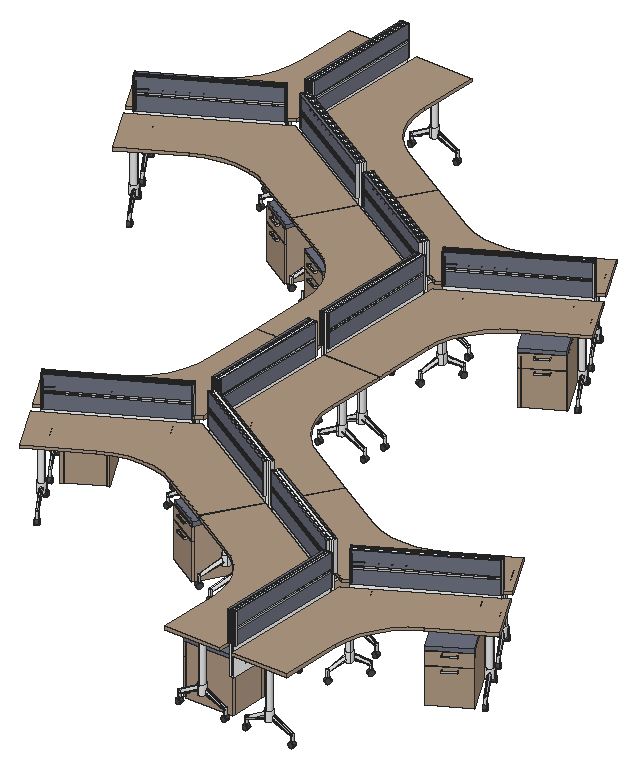
Revit family "T200028", category Furniture, Revit 2013 (continued)
Forms (in)
  Extrusion 97, solid, material "OFS BRANDS INTERMIX WORK Roll Plastic" <- "Roll Material"
    sketch origin (-151.38842, 105.99379, 29.4745) x (-0.5, 0.866025, 0) y (0, 0, 1)
      loop
        arc (-19.24135, -27.51201) -> (-18.56665, -27.84584) -> (-18.30139, -28.55034) r 1.02602
    from -0.56728 to 0.61508
  Extrusion 98, solid, material "OFS BRANDS INTERMIX WORK Feet Metal" <- "Feet Material"
    sketch origin (-108.30945, 134.58093, 0) x (0.866025, 0.5, 0) y (-0.5, 0.866025, 0)
      loop
        circle (-51.57715, -22.59884) r 0.43
    from 2.38016 to 4.82597
  SweptBlend 99, solid, material "OFS BRANDS INTERMIX WORK Feet Metal" <- "Feet Material"
    path origin (-108.30945, 134.58093, 0) x (-0.5, 0.866025, 0) y (0, 0, 1)
      loop
        line (-13.40165, 7.14826) -> (-22.60845, 3.84119)
    profile origin (-101.60863, 122.97477, 7.14826) x (-0.169026, 0.292762, -0.941127) y (0.866025, 0.5, 0)
      loop
        line (-2.62281, -51.51844) -> (-2.62281, -51.63768)
        arc (-2.62281, -51.63768) -> (-2.58269, -51.75888) -> (-2.47817, -51.8322) r 0.20313
        line (-2.47817, -51.8322) -> (-1.22705, -52.20839)
        arc (-1.22705, -52.20839) -> (-0.97865, -52.23103) -> (-0.74123, -52.15459) r 0.6241
        line (-0.74123, -52.15459) -> (-0.41933, -51.97341)
        arc (-0.41933, -51.97341) -> (-0.37972, -51.93444) -> (-0.36519, -51.8808) r 0.10627
        line (-0.36519, -51.8808) -> (-0.36519, -51.27484)
        arc (-0.36519, -51.27484) -> (-0.37961, -51.2216) -> (-0.41893, -51.18293) r 0.10547
        line (-0.41893, -51.18293) -> (-0.7409, -51.00171)
        arc (-0.7409, -51.00171) -> (-0.97866, -50.92516) -> (-1.22742, -50.94783) r 0.625
        line (-1.22742, -50.94783) -> (-2.47816, -51.32389)
        arc (-2.47816, -51.32389) -> (-2.58268, -51.39722) -> (-2.62281, -51.51844) r 0.20315
    end profile origin (-97.00522, 115.00144, 3.84119) x (-0.169026, 0.292762, -0.941127) y (0.866025, 0.5, 0)
      loop
        arc (-0.00296, -51.97173) -> (0.12974, -51.57876) -> (-0.00296, -51.18579) r 0.64824
        arc (-0.00296, -51.18579) -> (-0.47961, -51.2339) -> (-0.93193, -51.39177) r 2.04165
        arc (-0.93193, -51.39177) -> (-1.04882, -51.57876) -> (-0.93193, -51.76575) r 0.20801
        arc (-0.93193, -51.76575) -> (-0.47961, -51.92362) -> (-0.00296, -51.97173) r 2.04165
  Extrusion 100, solid, material "OFS BRANDS INTERMIX WORK Top Core Wood" <- "Top Core Material"
    sketch origin (-141.13754, 229.60688, 0) x (-1, 0, 0) y (0, -1, 0)
      loop
        line (3.97134, 144.44683) -> (-42.79403, 117.44683) -> (-42.79403, 63.44684) -> (-20.79403, 63.44684) -> (-20.79403, 87.42463)
        arc (-20.79403, 87.42463) -> (-16.7855, 102.41798) -> (-5.81327, 113.39428) r 29.96155
        line (-5.81327, 113.39428) -> (14.97134, 125.39429) -> (3.97134, 144.44683)
    from 27.87542 to 29.00005
  Extrusion 101, solid, material "OFS BRANDS INTERMIX WORK Feet Metal" <- "Feet Material"
    sketch origin (-53.9024, 101.97487, 0) x (0.866025, -0.5, 0) y (0.5, 0.866025, 0)
      loop
        line (-54.57973, -9.4) -> (-54.57973, -17.4) -> (-48.57973, -17.4) -> (-48.57973, -9.4) -> (-54.57973, -9.4)
    from 27.6875 to 27.87542
  Extrusion 102, solid, material "OFS BRANDS INTERMIX WORK Feet Metal" <- "Feet Material"
    sketch origin (-53.9024, 101.97487, 0) x (0.866025, -0.5, 0) y (0.5, 0.866025, 0)
      loop
        circle (-51.57876, -13.39995) r 1.14391
    from 10.29161 to 27.6875
  Extrusion 103, solid, material "OFS BRANDS INTERMIX WORK Feet Metal" <- "Feet Material"
    sketch origin (-53.9024, 101.97487, 0) x (0.866025, -0.5, 0) y (0.5, 0.866025, 0)
      loop
        circle (-51.57876, -13.40165) r 1.51553
    from 6.70403 to 10.29161
  Extrusion 104, solid, material "OFS BRANDS INTERMIX WORK Roll Plastic" <- "Roll Material"
    sketch origin (-111.35105, 105.67304, 29.4745) x (-0.5, -0.866025, 0) y (0, 0, -1)
      loop
        circle (-19.32729, 28.53442) r 0.94008
    from -0.75 to 0.78386
  Extrusion 105, solid, material "OFS BRANDS INTERMIX WORK Roll Plastic" <- "Roll Material"
    sketch origin (-111.35105, 105.67304, 29.4745) x (-0.5, -0.866025, 0) y (0, 0, -1)
      loop
        arc (-18.30139, 28.55034) -> (-18.56665, 27.84584) -> (-19.24135, 27.51201) r 1.02602
        line (-19.24135, 27.51201) -> (-19.24135, 27.59827)
        arc (-19.24135, 27.59827) -> (-19.32729, 27.59434) -> (-19.41323, 27.59827) r 0.94008
        line (-19.41323, 27.59827) -> (-19.41323, 27.51201)
        arc (-19.41323, 27.51201) -> (-20.08257, 27.83996) -> (-20.35331, 28.53442) r 1.02602
        line (-20.35331, 28.53442) -> (-20.43925, 28.53442)
        arc (-20.43925, 28.53442) -> (-20.14338, 27.77914) -> (-19.41323, 27.42579) r 1.11196
        line (-19.41323, 27.42579) -> (-19.41323, 27.09434) -> (-19.24135, 27.09434) -> (-19.24135, 27.42579)
        arc (-19.24135, 27.42579) -> (-18.50581, 27.785) -> (-18.21545, 28.55034) r 1.11196
        line (-18.21545, 28.55034) -> (-18.30139, 28.55034)
    from -0.56728 to 0.61508
  Extrusion 106, solid, material "OFS BRANDS INTERMIX WORK Feet Metal" <- "Feet Material"
    sketch origin (-68.27209, 77.08588, 0) x (0.866025, -0.5, 0) y (0.5, 0.866025, 0)
      loop
        circle (-51.57715, 22.59884) r 0.43
    from 2.38016 to 4.9582
  SweptBlend 107, solid, material "OFS BRANDS INTERMIX WORK Feet Metal" <- "Feet Material"
    path origin (-67.30242, 78.7654, 0) x (-0.5, -0.866025, 0) y (0, 0, -1)
      loop
        line (-13.15165, -7.14826) -> (-20.5899, -3.99092)
    profile origin (-60.72658, 90.15506, 7.14826) x (0.195366, 0.338383, 0.920505) y (0.866025, -0.5, 0)
      loop
        arc (2.62281, -51.51844) -> (2.58268, -51.39722) -> (2.47816, -51.32389) r 0.20315
        line (2.47816, -51.32389) -> (1.22742, -50.94783)
        arc (1.22742, -50.94783) -> (0.97866, -50.92516) -> (0.7409, -51.00171) r 0.625
        line (0.7409, -51.00171) -> (0.41893, -51.18293)
        arc (0.41893, -51.18293) -> (0.37961, -51.2216) -> (0.36519, -51.27484) r 0.10547
        line (0.36519, -51.27484) -> (0.36519, -51.8808)
        arc (0.36519, -51.8808) -> (0.37972, -51.93444) -> (0.41933, -51.97341) r 0.10627
        line (0.41933, -51.97341) -> (0.74123, -52.15459)
        arc (0.74123, -52.15459) -> (0.97865, -52.23103) -> (1.22705, -52.20839) r 0.6241
        line (1.22705, -52.20839) -> (2.47817, -51.8322)
        arc (2.47817, -51.8322) -> (2.58269, -51.75888) -> (2.62281, -51.63768) r 0.20313
        line (2.62281, -51.63768) -> (2.62281, -51.51844)
    end profile origin (-57.00746, 96.59677, 3.99092) x (0.195366, 0.338383, 0.920505) y (0.866025, -0.5, 0)
      loop
        arc (0.00296, -51.97173) -> (0.47961, -51.92362) -> (0.93193, -51.76575) r 2.04165
        arc (0.93193, -51.76575) -> (1.04882, -51.57876) -> (0.93193, -51.39177) r 0.20801
        arc (0.93193, -51.39177) -> (0.47961, -51.2339) -> (0.00296, -51.18579) r 2.04165
        arc (0.00296, -51.18579) -> (-0.12974, -51.57876) -> (0.00296, -51.97173) r 0.64824
  Extrusion 108, solid, material "OFS BRANDS INTERMIX WORK Roll Plastic" <- "Roll Material"
    sketch origin (-99.22939, 126.66833, 29.4745) x (0.5, 0.866025, 0) y (0, 0, 1)
      loop
        circle (-19.32729, -28.53442) r 0.94008
    from -0.75 to 0.78386
  Extrusion 109, solid, material "OFS BRANDS INTERMIX WORK Roll Plastic" <- "Roll Material"
    sketch origin (-99.22939, 126.66833, 29.4745) x (0.5, 0.866025, 0) y (0, 0, 1)
      loop
        line (-18.30139, -28.55034) -> (-18.21545, -28.55034)
        arc (-18.21545, -28.55034) -> (-18.50581, -27.785) -> (-19.24135, -27.42579) r 1.11196
        line (-19.24135, -27.42579) -> (-19.24135, -27.09434) -> (-19.41323, -27.09434) -> (-19.41323, -27.42579)
        arc (-19.41323, -27.42579) -> (-20.14338, -27.77914) -> (-20.43925, -28.53442) r 1.11196
        line (-20.43925, -28.53442) -> (-20.35331, -28.53442)
        arc (-20.35331, -28.53442) -> (-20.08257, -27.83996) -> (-19.41323, -27.51201) r 1.02602
        line (-19.41323, -27.51201) -> (-19.41323, -27.59827)
        arc (-19.41323, -27.59827) -> (-19.32729, -27.59434) -> (-19.24135, -27.59827) r 0.94008
        line (-19.24135, -27.59827) -> (-19.24135, -27.51201)
        arc (-19.24135, -27.51201) -> (-18.56665, -27.84584) -> (-18.30139, -28.55034) r 1.02602
    from -0.56728 to 0.61508
  Extrusion 110, solid, material "OFS BRANDS INTERMIX WORK Feet Metal" <- "Feet Material"
    sketch origin (-52.93273, 103.65439, 0) x (0.866025, -0.5, 0) y (0.5, 0.866025, 0)
      loop
        circle (-51.57715, -22.59884) r 0.43
    from 2.38016 to 4.9582
  SweptBlend 111, solid, material "OFS BRANDS INTERMIX WORK Feet Metal" <- "Feet Material"
    path origin (-53.9024, 101.97487, 0) x (0.5, 0.866025, 0) y (0, 0, 1)
      loop
        line (-13.15165, 7.14826) -> (-20.5899, 3.99092)
    profile origin (-60.47823, 90.58521, 7.14826) x (0.195366, 0.338383, -0.920505) y (0.866025, -0.5, 0)
      loop
        line (-2.62281, -51.51844) -> (-2.62281, -51.63768)
        arc (-2.62281, -51.63768) -> (-2.58269, -51.75888) -> (-2.47817, -51.8322) r 0.20313
        line (-2.47817, -51.8322) -> (-1.22705, -52.20839)
        arc (-1.22705, -52.20839) -> (-0.97865, -52.23103) -> (-0.74123, -52.15459) r 0.6241
        line (-0.74123, -52.15459) -> (-0.41933, -51.97341)
        arc (-0.41933, -51.97341) -> (-0.37972, -51.93444) -> (-0.36519, -51.8808) r 0.10627
        line (-0.36519, -51.8808) -> (-0.36519, -51.27484)
        arc (-0.36519, -51.27484) -> (-0.37961, -51.2216) -> (-0.41893, -51.18293) r 0.10547
        line (-0.41893, -51.18293) -> (-0.7409, -51.00171)
        arc (-0.7409, -51.00171) -> (-0.97866, -50.92516) -> (-1.22742, -50.94783) r 0.625
        line (-1.22742, -50.94783) -> (-2.47816, -51.32389)
        arc (-2.47816, -51.32389) -> (-2.58268, -51.39722) -> (-2.62281, -51.51844) r 0.20315
    end profile origin (-64.19736, 84.1435, 3.99092) x (0.195366, 0.338383, -0.920505) y (0.866025, -0.5, 0)
      loop
        arc (-0.00296, -51.97173) -> (0.12974, -51.57876) -> (-0.00296, -51.18579) r 0.64824
        arc (-0.00296, -51.18579) -> (-0.47961, -51.2339) -> (-0.93193, -51.39177) r 2.04165
        arc (-0.93193, -51.39177) -> (-1.04882, -51.57876) -> (-0.93193, -51.76575) r 0.20801
        arc (-0.93193, -51.76575) -> (-0.47961, -51.92362) -> (-0.00296, -51.97173) r 2.04165
  Extrusion 112, solid, material "OFS BRANDS INTERMIX WORK Back Coverage Plastic" <- "Back Coverage Material"
    sketch origin (-117.88498, 98.02105, 29.4745) x (0.86603, 0.499993, 0) y (0, 0, 1)
      loop
        line (20.99537, -11.2245) -> (20.99537, 12.5255) -> (-27.00463, 12.5255) -> (-27.00463, -11.2245) -> (20.99537, -11.2245)
    from -0.9375 to -0.1875
  Extrusion 113, solid, material "OFS BRANDS INTERMIX WORK Tackboard Fabric" <- "Tackboard Material"
    sketch origin (-118.40159, 98.91588, 29.4745) x (0.86603, 0.499993, 0) y (0, 0, 1)
      loop
        line (21.02662, 6.99425) -> (21.02662, 12.5255) -> (-27.03588, 12.5255) -> (-27.03588, 6.99425) -> (21.02662, 6.99425)
    from -0.66085 to 0.03085
  Extrusion 114, solid, material "OFS BRANDS INTERMIX WORK Tackboard Fabric" <- "Tackboard Material"
    sketch origin (-118.40159, 98.91588, 22.69325) x (0.86603, 0.499993, 0) y (0, 0, 1)
      loop
        line (20.68752, 6.99425) -> (20.68752, 12.5255) -> (-27.03588, 12.5255) -> (-27.03588, 6.99425) -> (20.68752, 6.99425)
    from -0.66085 to 0.03085
  Extrusion 115, solid, material "OFS BRANDS INTERMIX WORK Conector Metal" <- "Conector Material"
    sketch origin (-95.93634, 110.07958, 0) x (-0.86603, -0.499993, 0) y (0.499993, -0.86603, 0)
      loop
        line (51.73413, -2.29012) -> (52.10913, -2.29011) -> (52.10913, -1.46862) -> (51.35913, -1.46862) -> (51.35913, -1.50452) -> (52.07323, -1.50452) -> (52.07323, -2.25422) -> (51.73413, -2.25422) -> (51.73413, -2.29012)
    from 29.74775 to 41.93975
  Extrusion 116, solid, material "OFS BRANDS INTERMIX WORK Tool Rail Metal" <- "Tool Rail Material"
    sketch origin (-95.93634, 110.07958, 0) x (0.499993, -0.86603, 0) y (0, 0, 1)
      loop
        line (-1.53351, 35.21875) -> (-1.53351, 34.46875) -> (-1.46862, 34.46875) -> (-1.46862, 35.29875) -> (-2.15611, 35.29875) -> (-2.15612, 35.70367) -> (-2.04082, 35.70367) -> (-1.85742, 35.59348) -> (-1.70638, 35.84486) -> (-1.85625, 36.09427) -> (-2.04176, 35.9828) -> (-2.15612, 35.9828) -> (-2.15612, 36.38875) -> (-1.46862, 36.38875) -> (-1.46862, 37.21875) -> (-1.53351, 37.21875) -> (-1.53351, 36.46875) -> (-2.23612, 36.46875) -> (-2.23612, 35.9028) -> (-2.01958, 35.9028) -> (-1.88459, 35.98391) -> (-1.80037, 35.84375) -> (-1.88459, 35.70359) -> (-2.01958, 35.78469) -> (-2.23612, 35.78469) -> (-2.23612, 35.21875) -> (-1.53351, 35.21875)
    from 4.01073 to 52.07323
  Extrusion 117, solid, material "OFS BRANDS INTERMIX WORK Conector Metal" <- "Conector Material"
    sketch origin (-144.5067, 82.03801, 0) x (0.86603, 0.499993, 0) y (-0.499993, 0.86603, 0)
      loop
        line (51.73413, 2.29012) -> (51.73413, 2.25422) -> (52.07323, 2.25422) -> (52.07323, 1.50452) -> (51.35913, 1.50452) -> (51.35913, 1.46862) -> (52.10913, 1.46862) -> (52.10913, 2.29011) -> (51.73413, 2.29012)
    from 29.74775 to 41.93975
  Extrusion 118, solid, material "OFS BRANDS INTERMIX WORK Conector Clip Metal" <- "Conector Clip Material"
    sketch origin (-141.27178, 84.51893, 57.662) x (0, 0, -1) y (0.499993, -0.86603, 0)
      loop
        line (29.787, -2.37745) -> (29.787, -10.34879) -> (29.9745, -10.34879) -> (29.9745, -2.46068) -> (31.27888, -1.1563) -> (36.66201, -1.1563) -> (36.66201, -0.9375) -> (31.22695, -0.9375) -> (29.787, -2.37745)
    from -7.1875 to -5.8125
  Extrusion 119, solid, material "OFS BRANDS INTERMIX WORK Conector Clip Metal" <- "Conector Clip Material"
    sketch origin (-141.27178, 84.51893, 57.662) x (0, 0, -1) y (0.499993, -0.86603, 0)
      loop
        line (35.87689, -1.1563) -> (30.037, -10.49716) -> (30.037, -11.86776) -> (36.66201, -1.1563) -> (35.87689, -1.1563)
    from -6.59375 to -6.40625
  Extrusion 120, solid, material "OFS BRANDS INTERMIX WORK Conector Clip Metal" <- "Conector Clip Material"
    sketch origin (-110.96075, 102.01868, 57.662) x (0, 0, -1) y (0.499993, -0.86603, 0)
      loop
        line (29.787, -2.37745) -> (29.787, -10.34879) -> (29.9745, -10.34879) -> (29.9745, -2.46068) -> (31.27888, -1.1563) -> (36.66201, -1.1563) -> (36.66201, -0.9375) -> (31.22695, -0.9375) -> (29.787, -2.37745)
    from -7.1875 to -5.8125
  Extrusion 121, solid, material "OFS BRANDS INTERMIX WORK Conector Clip Metal" <- "Conector Clip Material"
    sketch origin (-110.96075, 102.01868, 57.662) x (0, 0, -1) y (0.499993, -0.86603, 0)
      loop
        line (35.87689, -1.1563) -> (30.037, -10.49716) -> (30.037, -11.86776) -> (36.66201, -1.1563) -> (35.87689, -1.1563)
    from -6.59375 to -6.40625
  Extrusion 122, solid, material "OFS BRANDS INTERMIX WORK Back Coverage Plastic" <- "Back Coverage Material"
    sketch origin (-95.86954, 136.15289, 29.4745) x (0.000008, -1, 0) y (0, 0, -1)
      loop
        line (20.99537, 11.2245) -> (-27.00463, 11.2245) -> (-27.00463, -12.5255) -> (20.99537, -12.5255) -> (20.99537, 11.2245)
    from -0.9375 to -0.1875
  Extrusion 123, solid, material "OFS BRANDS INTERMIX WORK Tackboard Fabric" <- "Tackboard Material"
    sketch origin (-96.90279, 136.15288, 29.4745) x (0.000008, -1, 0) y (0, 0, -1)
      loop
        line (21.02662, -6.99425) -> (-27.03588, -6.99425) -> (-27.03588, -12.5255) -> (21.02662, -12.5255) -> (21.02662, -6.99425)
    from -0.66085 to 0.03085
  Extrusion 124, solid, material "OFS BRANDS INTERMIX WORK Tackboard Fabric" <- "Tackboard Material"
    sketch origin (-96.90279, 136.15288, 22.69325) x (0.000008, -1, 0) y (0, 0, -1)
      loop
        line (20.68752, -6.99425) -> (-27.03588, -6.99425) -> (-27.03588, -12.5255) -> (20.68752, -12.5255) -> (20.68752, -6.99425)
    from -0.66085 to 0.03085
  Extrusion 125, solid, material "OFS BRANDS INTERMIX WORK Conector Metal" <- "Conector Material"
    sketch origin (-95.33822, 111.11555, 0) x (-0.000008, 1, 0) y (-1, -0.000008, 0)
      loop
        line (51.73413, 2.29012) -> (51.73413, 2.25422) -> (52.07323, 2.25422) -> (52.07323, 1.50452) -> (51.35913, 1.50452) -> (51.35913, 1.46862) -> (52.10913, 1.46862) -> (52.10913, 2.29011) -> (51.73413, 2.29012)
    from 29.74775 to 41.93975
  Extrusion 126, solid, material "OFS BRANDS INTERMIX WORK Tool Rail Metal" <- "Tool Rail Material"
    sketch origin (-95.33822, 111.11555, 0) x (1, 0.000008, 0) y (0, 0, -1)
      loop
        line (-1.53351, -35.21875) -> (-2.23612, -35.21875) -> (-2.23612, -35.78469) -> (-2.01958, -35.78469) -> (-1.88459, -35.70359) -> (-1.80037, -35.84375) -> (-1.88459, -35.98391) -> (-2.01958, -35.9028) -> (-2.23612, -35.9028) -> (-2.23612, -36.46875) -> (-1.53351, -36.46875) -> (-1.53351, -37.21875) -> (-1.46862, -37.21875) -> (-1.46862, -36.38875) -> (-2.15612, -36.38875) -> (-2.15612, -35.9828) -> (-2.04176, -35.9828) -> (-1.85625, -36.09427) -> (-1.70638, -35.84486) -> (-1.85742, -35.59348) -> (-2.04082, -35.70367) -> (-2.15612, -35.70367) -> (-2.15611, -35.29875) -> (-1.46862, -35.29875) -> (-1.46862, -34.46875) -> (-1.53351, -34.46875) -> (-1.53351, -35.21875)
    from 4.01073 to 52.07323
  Extrusion 127, solid, material "OFS BRANDS INTERMIX WORK Conector Metal" <- "Conector Material"
    sketch origin (-95.33867, 167.1995, 0) x (0.000008, -1, 0) y (1, 0.000008, 0)
      loop
        line (51.73413, -2.29012) -> (52.10913, -2.29011) -> (52.10913, -1.46862) -> (51.35913, -1.46862) -> (51.35913, -1.50452) -> (52.07323, -1.50452) -> (52.07323, -2.25422) -> (51.73413, -2.25422) -> (51.73413, -2.29012)
    from 29.74775 to 41.93975
  Extrusion 128, solid, material "OFS BRANDS INTERMIX WORK Conector Clip Metal" <- "Conector Clip Material"
    sketch origin (-95.86976, 163.15752, 57.662) x (0, 0, -1) y (-1, -0.000008, 0)
      loop
        line (29.787, 2.37745) -> (31.22695, 0.9375) -> (36.66201, 0.9375) -> (36.66201, 1.1563) -> (31.27888, 1.1563) -> (29.9745, 2.46068) -> (29.9745, 10.34879) -> (29.787, 10.34879) -> (29.787, 2.37745)
    from -7.1875 to -5.8125
  Extrusion 129, solid, material "OFS BRANDS INTERMIX WORK Conector Clip Metal" <- "Conector Clip Material"
    sketch origin (-95.86976, 163.15752, 57.662) x (0, 0, -1) y (-1, -0.000008, 0)
      loop
        line (35.87689, 1.1563) -> (36.66201, 1.1563) -> (30.037, 11.86776) -> (30.037, 10.49716) -> (35.87689, 1.1563)
    from -6.59375 to -6.40625
  Extrusion 130, solid, material "OFS BRANDS INTERMIX WORK Conector Clip Metal" <- "Conector Clip Material"
    sketch origin (-95.86947, 128.15752, 57.662) x (0, 0, -1) y (-1, -0.000008, 0)
      loop
        line (29.787, 2.37745) -> (31.22695, 0.9375) -> (36.66201, 0.9375) -> (36.66201, 1.1563) -> (31.27888, 1.1563) -> (29.9745, 2.46068) -> (29.9745, 10.34879) -> (29.787, 10.34879) -> (29.787, 2.37745)
    from -7.1875 to -5.8125
  Extrusion 131, solid, material "OFS BRANDS INTERMIX WORK Conector Clip Metal" <- "Conector Clip Material"
    sketch origin (-95.86947, 128.15752, 57.662) x (0, 0, -1) y (-1, -0.000008, 0)
      loop
        line (35.87689, 1.1563) -> (36.66201, 1.1563) -> (30.037, 11.86776) -> (30.037, 10.49716) -> (35.87689, 1.1563)
    from -6.59375 to -6.40625
  Extrusion 132, solid, material "OFS BRANDS INTERMIX WORK Roll Plastic" <- "Roll Material"
    sketch origin (-99.16124, 161.18136, 29.4745) x (1, -0.000001, 0) y (0, 0, 1)
      loop
        circle (-19.32729, -28.53442) r 0.94008
    from -0.75 to 0.78386
  Extrusion 133, solid, material "OFS BRANDS INTERMIX WORK Roll Plastic" <- "Roll Material"
    sketch origin (-99.16124, 161.18136, 29.4745) x (1, -0.000001, 0) y (0, 0, 1)
      loop
        line (-18.30139, -28.55034) -> (-18.21545, -28.55034)
        arc (-18.21545, -28.55034) -> (-18.50581, -27.785) -> (-19.24135, -27.42579) r 1.11196
        line (-19.24135, -27.42579) -> (-19.24135, -27.09434) -> (-19.41323, -27.09434) -> (-19.41323, -27.42579)
        arc (-19.41323, -27.42579) -> (-20.14338, -27.77914) -> (-20.43925, -28.53442) r 1.11196
        line (-20.43925, -28.53442) -> (-20.35331, -28.53442)
        arc (-20.35331, -28.53442) -> (-20.08257, -27.83996) -> (-19.41323, -27.51201) r 1.02602
        line (-19.41323, -27.51201) -> (-19.41323, -27.59827)
        arc (-19.41323, -27.59827) -> (-19.32729, -27.59434) -> (-19.24135, -27.59827) r 0.94008
        line (-19.24135, -27.59827) -> (-19.24135, -27.51201)
        arc (-19.24135, -27.51201) -> (-18.56665, -27.84584) -> (-18.30139, -28.55034) r 1.02602
    from -0.56728 to 0.61508
  Extrusion 134, solid, material "OFS BRANDS INTERMIX WORK Feet Metal" <- "Feet Material"
    sketch origin (-95.94357, 109.5803, 0) x (-0.000001, -1, 0) y (1, -0.000001, 0)
      loop
        line (-54.57973, -9.4) -> (-54.57973, -17.4) -> (-48.57973, -17.4) -> (-48.57973, -9.4) -> (-54.57973, -9.4)
    from 27.6875 to 27.87542
  Extrusion 135, solid, material "OFS BRANDS INTERMIX WORK Feet Metal" <- "Feet Material"
    sketch origin (-95.94357, 109.5803, 0) x (-0.000001, -1, 0) y (1, -0.000001, 0)
      loop
        circle (-51.57876, -13.39995) r 1.14391
    from 10.29161 to 27.6875
  Extrusion 136, solid, material "OFS BRANDS INTERMIX WORK Feet Metal" <- "Feet Material"
    sketch origin (-95.94357, 109.5803, 0) x (-0.000001, -1, 0) y (1, -0.000001, 0)
      loop
        circle (-51.57876, -13.40165) r 1.51553
    from 6.70403 to 10.29161
  Extrusion 137, solid, material "OFS BRANDS INTERMIX WORK Feet Metal" <- "Feet Material"
    sketch origin (-95.94357, 109.5803, 0) x (-0.000001, -1, 0) y (1, -0.000001, 0)
      loop
        circle (-51.57715, -22.59884) r 0.43
    from 2.38016 to 4.82597
  SweptBlend 138, solid, material "OFS BRANDS INTERMIX WORK Feet Metal" <- "Feet Material"
    path origin (-95.94357, 109.5803, 0) x (1, -0.000001, 0) y (0, 0, 1)
      loop
        line (-13.40165, 7.14826) -> (-22.60845, 3.84119)
    profile origin (-109.34522, 109.58031, 7.14826) x (0.338052, 0, -0.941127) y (-0.000001, -1, 0)
      loop
        line (-2.62281, -51.51844) -> (-2.62281, -51.63768)
        arc (-2.62281, -51.63768) -> (-2.58269, -51.75888) -> (-2.47817, -51.8322) r 0.20313
        line (-2.47817, -51.8322) -> (-1.22705, -52.20839)
        arc (-1.22705, -52.20839) -> (-0.97865, -52.23103) -> (-0.74123, -52.15459) r 0.6241
        line (-0.74123, -52.15459) -> (-0.41933, -51.97341)
        arc (-0.41933, -51.97341) -> (-0.37972, -51.93444) -> (-0.36519, -51.8808) r 0.10627
        line (-0.36519, -51.8808) -> (-0.36519, -51.27484)
        arc (-0.36519, -51.27484) -> (-0.37961, -51.2216) -> (-0.41893, -51.18293) r 0.10547
        line (-0.41893, -51.18293) -> (-0.7409, -51.00171)
        arc (-0.7409, -51.00171) -> (-0.97866, -50.92516) -> (-1.22742, -50.94783) r 0.625
        line (-1.22742, -50.94783) -> (-2.47816, -51.32389)
        arc (-2.47816, -51.32389) -> (-2.58268, -51.39722) -> (-2.62281, -51.51844) r 0.20315
    end profile origin (-118.55202, 109.58031, 3.84119) x (0.338052, 0, -0.941127) y (-0.000001, -1, 0)
      loop
        arc (-0.00296, -51.97173) -> (0.12974, -51.57876) -> (-0.00296, -51.18579) r 0.64824
        arc (-0.00296, -51.18579) -> (-0.47961, -51.2339) -> (-0.93193, -51.39177) r 2.04165
        arc (-0.93193, -51.39177) -> (-1.04882, -51.57876) -> (-0.93193, -51.76575) r 0.20801
        arc (-0.93193, -51.76575) -> (-0.47961, -51.92362) -> (-0.00296, -51.97173) r 2.04165
  Extrusion 139, solid, material "OFS BRANDS INTERMIX WORK Roll Plastic" <- "Roll Material"
    sketch origin (-119.52585, 161.18137, 29.4745) x (-1, 0.000001, 0) y (0, 0, -1)
      loop
        circle (-19.32729, 28.53442) r 0.94008
    from -0.75 to 0.78386
  Extrusion 140, solid, material "OFS BRANDS INTERMIX WORK Roll Plastic" <- "Roll Material"
    sketch origin (-119.52585, 161.18137, 29.4745) x (-1, 0.000001, 0) y (0, 0, -1)
      loop
        arc (-18.30139, 28.55034) -> (-18.56665, 27.84584) -> (-19.24135, 27.51201) r 1.02602
        line (-19.24135, 27.51201) -> (-19.24135, 27.59827)
        arc (-19.24135, 27.59827) -> (-19.32729, 27.59434) -> (-19.41323, 27.59827) r 0.94008
        line (-19.41323, 27.59827) -> (-19.41323, 27.51201)
        arc (-19.41323, 27.51201) -> (-20.08257, 27.83996) -> (-20.35331, 28.53442) r 1.02602
        line (-20.35331, 28.53442) -> (-20.43925, 28.53442)
        arc (-20.43925, 28.53442) -> (-20.14338, 27.77914) -> (-19.41323, 27.42579) r 1.11196
        line (-19.41323, 27.42579) -> (-19.41323, 27.09434) -> (-19.24135, 27.09434) -> (-19.24135, 27.42579)
        arc (-19.24135, 27.42579) -> (-18.50581, 27.785) -> (-18.21545, 28.55034) r 1.11196
        line (-18.21545, 28.55034) -> (-18.30139, 28.55034)
    from -0.56728 to 0.61508
  Extrusion 141, solid, material "OFS BRANDS INTERMIX WORK Feet Metal" <- "Feet Material"
    sketch origin (-122.74357, 109.58031, 0) x (-0.000001, -1, 0) y (1, -0.000001, 0)
      loop
        circle (-51.57715, 22.59884) r 0.43
    from 2.38016 to 4.82597
  SweptBlend 142, solid, material "OFS BRANDS INTERMIX WORK Feet Metal" <- "Feet Material"
    path origin (-122.74357, 109.58031, 0) x (-1, 0.000001, 0) y (0, 0, -1)
      loop
        line (-13.40165, -7.14826) -> (-22.60845, -3.84119)
    profile origin (-109.34192, 109.58031, 7.14826) x (0.338052, 0, 0.941127) y (-0.000001, -1, 0)
      loop
        arc (2.62281, -51.51844) -> (2.58268, -51.39722) -> (2.47816, -51.32389) r 0.20315
        line (2.47816, -51.32389) -> (1.22742, -50.94783)
        arc (1.22742, -50.94783) -> (0.97866, -50.92516) -> (0.7409, -51.00171) r 0.625
        line (0.7409, -51.00171) -> (0.41893, -51.18293)
        arc (0.41893, -51.18293) -> (0.37961, -51.2216) -> (0.36519, -51.27484) r 0.10547
        line (0.36519, -51.27484) -> (0.36519, -51.8808)
        arc (0.36519, -51.8808) -> (0.37972, -51.93444) -> (0.41933, -51.97341) r 0.10627
        line (0.41933, -51.97341) -> (0.74123, -52.15459)
        arc (0.74123, -52.15459) -> (0.97865, -52.23103) -> (1.22705, -52.20839) r 0.6241
        line (1.22705, -52.20839) -> (2.47817, -51.8322)
        arc (2.47817, -51.8322) -> (2.58269, -51.75888) -> (2.62281, -51.63768) r 0.20313
        line (2.62281, -51.63768) -> (2.62281, -51.51844)
    end profile origin (-100.13512, 109.5803, 3.84119) x (0.338052, 0, 0.941127) y (-0.000001, -1, 0)
      loop
        arc (0.00296, -51.97173) -> (0.47961, -51.92362) -> (0.93193, -51.76575) r 2.04165
        arc (0.93193, -51.76575) -> (1.04882, -51.57876) -> (0.93193, -51.39177) r 0.20801
        arc (0.93193, -51.39177) -> (0.47961, -51.2339) -> (0.00296, -51.18579) r 2.04165
        arc (0.00296, -51.18579) -> (-0.12974, -51.57876) -> (0.00296, -51.97173) r 0.64824
  Extrusion 143, solid, material "OFS BRANDS INTERMIX WORK Drawer Front Wood" <- "Drawer Front Material"
    sketch origin (-118.21049, 98.05905, -6.96875) x (-0.866034, 0.499986, 0) y (0, 0, 1)
      loop
        line (-59.97733, 27.3125) -> (-59.97733, 21.96875) -> (-44.47733, 21.96875) -> (-44.47733, 27.3125) -> (-59.97733, 27.3125)
    from -1.3075 to -0.5575
  Extrusion 144, solid, material "OFS BRANDS INTERMIX WORK Pull Metal" <- "Pull Material"
    sketch origin (-120.31708, 64.06968, -10.06825) x (-0.866034, 0.499986, 0) y (-0.499986, -0.866034, 0)
      loop
        line (-39.43501, -29.18171) -> (-39.43501, -28.42671) -> (-34.68501, -28.42671) -> (-34.68501, -29.18171) -> (-34.43501, -29.18171) -> (-34.43501, -28.17671) -> (-39.68501, -28.17671) -> (-39.68501, -29.18171) -> (-39.43501, -29.18171)
    from 28.9745 to 29.4745
  Extrusion 145, solid, material "OFS BRANDS INTERMIX WORK Drawer Front Wood" <- "Drawer Front Material"
    sketch origin (-118.21049, 98.05905, -12.4375) x (-0.866034, 0.499986, 0) y (0, 0, 1)
      loop
        line (-59.97733, 27.3125) -> (-59.97733, 13.1875) -> (-44.47733, 13.1875) -> (-44.47733, 27.3125) -> (-59.97733, 27.3125)
    from -1.3075 to -0.5575
  Extrusion 146, solid, material "OFS BRANDS INTERMIX WORK Pull Metal" <- "Pull Material"
    sketch origin (-120.31708, 64.06968, -15.537) x (-0.866034, 0.499986, 0) y (-0.499986, -0.866034, 0)
      loop
        line (-39.43501, -29.18171) -> (-39.43501, -28.42671) -> (-34.68501, -28.42671) -> (-34.68501, -29.18171) -> (-34.43501, -29.18171) -> (-34.43501, -28.17671) -> (-39.68501, -28.17671) -> (-39.68501, -29.18171) -> (-39.43501, -29.18171)
    from 28.9745 to 29.4745
  Extrusion 147, solid, material "OFS BRANDS INTERMIX WORK Chassis Wood" <- "Chassis Material"
    sketch origin (-67.32147, 65.74667, 0) x (-0.499986, -0.866034, 0) y (0, 0, -1)
      loop
        line (-1.98233, -0.5) -> (-20.73233, -0.5) -> (-20.73233, -20.4375) -> (-1.98233, -20.4375) -> (-1.98233, -0.5)
    from -1.1875 to -0.1875
  Extrusion 148, solid, material "OFS BRANDS INTERMIX WORK Chassis Wood" <- "Chassis Material"
    sketch origin (-75.84516, 94.82355, 0) x (-0.866034, 0.499986, 0) y (0, 0, 1)
      loop
        line (-7.10733, 0.5) -> (-7.10733, 20.4375) -> (-20.73233, 20.4375) -> (-20.73233, 0.5) -> (-7.10733, 0.5)
    from -1.1875 to -0.1875
  Extrusion 149, solid, material "OFS BRANDS INTERMIX WORK Chassis Wood" <- "Chassis Material"
    sketch origin (-81.17801, 73.74644, 0) x (-0.499986, -0.866034, 0) y (0, 0, 1)
      loop
        line (-1.98233, 0.5) -> (-1.98233, 20.4375) -> (-20.73233, 20.4375) -> (-20.73233, 0.5) -> (-1.98233, 0.5)
    from -1.1875 to -0.1875
  Extrusion 150, solid, material "OFS BRANDS INTERMIX WORK Cushion Fabric" <- "Cushion Material"
    sketch origin (-111.78372, 42.52812, 18.4375) x (-0.866034, 0.499986, 0) y (0.499986, 0.866034, 0)
      loop
        line (-26.70937, 43.82086) -> (-11.08437, 43.82087) -> (-11.08437, 63.07087) -> (-26.70937, 63.07086) -> (-26.70937, 43.82086)
    from -3.5 to -2
  Extrusion 151, solid, material "OFS BRANDS INTERMIX WORK Roll Plastic" <- "Roll Material"
    sketch origin (-69.69412, 65.88902, 29.4745) x (-0.499986, -0.866034, 0) y (0, 0, 1)
      loop
        circle (-19.32729, -28.53442) r 0.94008
    from -0.75 to 0.78386
  Extrusion 152, solid, material "OFS BRANDS INTERMIX WORK Roll Plastic" <- "Roll Material"
    sketch origin (-69.69412, 65.88902, 29.4745) x (-0.499986, -0.866034, 0) y (0, 0, 1)
      loop
        line (-18.30139, -28.55034) -> (-18.21545, -28.55034)
        arc (-18.21545, -28.55034) -> (-18.50581, -27.785) -> (-19.24135, -27.42579) r 1.11196
        line (-19.24135, -27.42579) -> (-19.24135, -27.09434) -> (-19.41323, -27.09434) -> (-19.41323, -27.42579)
        arc (-19.41323, -27.42579) -> (-20.14338, -27.77914) -> (-20.43925, -28.53442) r 1.11196
        line (-20.43925, -28.53442) -> (-20.35331, -28.53442)
        arc (-20.35331, -28.53442) -> (-20.08257, -27.83996) -> (-19.41323, -27.51201) r 1.02602
        line (-19.41323, -27.51201) -> (-19.41323, -27.59827)
        arc (-19.41323, -27.59827) -> (-19.32729, -27.59434) -> (-19.24135, -27.59827) r 0.94008
        line (-19.24135, -27.59827) -> (-19.24135, -27.51201)
        arc (-19.24135, -27.51201) -> (-18.56665, -27.84584) -> (-18.30139, -28.55034) r 1.02602
    from -0.56728 to 0.61508
  Extrusion 153, solid, material "OFS BRANDS INTERMIX WORK Chassis Wood" <- "Chassis Material"
    sketch origin (-61.04563, -20.29085, -8.30733) x (-0.866034, 0.499986, 0) y (-0.499986, -0.866034, 0)
      loop
        line (49.64011, -73.35589) -> (49.64011, -91.10589) -> (63.26511, -91.10589) -> (63.26511, -73.35589) -> (49.64011, -73.35589)
    from 10.6875 to 11.75
  Extrusion 154, solid, material "OFS BRANDS INTERMIX WORK Roll Plastic" <- "Roll Material"
    sketch origin (-79.86833, 71.76288, 29.4745) x (-0.499986, -0.866034, 0) y (0, 0, -1)
      loop
        circle (-19.32729, 28.53442) r 0.94008
    from -0.75 to 0.78386
  Extrusion 155, solid, material "OFS BRANDS INTERMIX WORK Roll Plastic" <- "Roll Material"
    sketch origin (-79.86833, 71.76288, 29.4745) x (-0.499986, -0.866034, 0) y (0, 0, -1)
      loop
        arc (-18.30139, 28.55034) -> (-18.56665, 27.84584) -> (-19.24135, 27.51201) r 1.02602
        line (-19.24135, 27.51201) -> (-19.24135, 27.59827)
        arc (-19.24135, 27.59827) -> (-19.32729, 27.59434) -> (-19.41323, 27.59827) r 0.94008
        line (-19.41323, 27.59827) -> (-19.41323, 27.51201)
        arc (-19.41323, 27.51201) -> (-20.08257, 27.83996) -> (-20.35331, 28.53442) r 1.02602
        line (-20.35331, 28.53442) -> (-20.43925, 28.53442)
        arc (-20.43925, 28.53442) -> (-20.14338, 27.77914) -> (-19.41323, 27.42579) r 1.11196
        line (-19.41323, 27.42579) -> (-19.41323, 27.09434) -> (-19.24135, 27.09434) -> (-19.24135, 27.42579)
        arc (-19.24135, 27.42579) -> (-18.50581, 27.785) -> (-18.21545, 28.55034) r 1.11196
        line (-18.21545, 28.55034) -> (-18.30139, 28.55034)
    from -0.56728 to 0.61508
  Extrusion 156, solid, material "OFS BRANDS INTERMIX WORK Roll Plastic" <- "Roll Material"
    sketch origin (-57.61991, 86.80297, 29.4745) x (0.499986, 0.866034, 0) y (0, 0, -1)
      loop
        circle (-19.32729, 28.53442) r 0.94008
    from -0.75 to 0.78386
  Extrusion 157, solid, material "OFS BRANDS INTERMIX WORK Roll Plastic" <- "Roll Material"
    sketch origin (-57.61991, 86.80297, 29.4745) x (0.499986, 0.866034, 0) y (0, 0, -1)
      loop
        arc (-18.30139, 28.55034) -> (-18.56665, 27.84584) -> (-19.24135, 27.51201) r 1.02602
        line (-19.24135, 27.51201) -> (-19.24135, 27.59827)
        arc (-19.24135, 27.59827) -> (-19.32729, 27.59434) -> (-19.41323, 27.59827) r 0.94008
        line (-19.41323, 27.59827) -> (-19.41323, 27.51201)
        arc (-19.41323, 27.51201) -> (-20.08257, 27.83996) -> (-20.35331, 28.53442) r 1.02602
        line (-20.35331, 28.53442) -> (-20.43925, 28.53442)
        arc (-20.43925, 28.53442) -> (-20.14338, 27.77914) -> (-19.41323, 27.42579) r 1.11196
        line (-19.41323, 27.42579) -> (-19.41323, 27.09434) -> (-19.24135, 27.09434) -> (-19.24135, 27.42579)
        arc (-19.24135, 27.42579) -> (-18.50581, 27.785) -> (-18.21545, 28.55034) r 1.11196
        line (-18.21545, 28.55034) -> (-18.30139, 28.55034)
    from -0.56728 to 0.61508
  Extrusion 158, solid, material "OFS BRANDS INTERMIX WORK Roll Plastic" <- "Roll Material"
    sketch origin (-67.79412, 92.67682, 29.4745) x (0.499986, 0.866034, 0) y (0, 0, 1)
      loop
        circle (-19.32729, -28.53442) r 0.94008
    from -0.75 to 0.78386
  Extrusion 159, solid, material "OFS BRANDS INTERMIX WORK Roll Plastic" <- "Roll Material"
    sketch origin (-67.79412, 92.67682, 29.4745) x (0.499986, 0.866034, 0) y (0, 0, 1)
      loop
        line (-18.30139, -28.55034) -> (-18.21545, -28.55034)
        arc (-18.21545, -28.55034) -> (-18.50581, -27.785) -> (-19.24135, -27.42579) r 1.11196
        line (-19.24135, -27.42579) -> (-19.24135, -27.09434) -> (-19.41323, -27.09434) -> (-19.41323, -27.42579)
        arc (-19.41323, -27.42579) -> (-20.14338, -27.77914) -> (-20.43925, -28.53442) r 1.11196
        line (-20.43925, -28.53442) -> (-20.35331, -28.53442)
        arc (-20.35331, -28.53442) -> (-20.08257, -27.83996) -> (-19.41323, -27.51201) r 1.02602
        line (-19.41323, -27.51201) -> (-19.41323, -27.59827)
        arc (-19.41323, -27.59827) -> (-19.32729, -27.59434) -> (-19.24135, -27.59827) r 0.94008
        line (-19.24135, -27.59827) -> (-19.24135, -27.51201)
        arc (-19.24135, -27.51201) -> (-18.56665, -27.84584) -> (-18.30139, -28.55034) r 1.02602
    from -0.56728 to 0.61508
  Extrusion 160, solid, material "OFS BRANDS INTERMIX WORK Roll Plastic" <- "Roll Material"
    sketch origin (-137.98025, 82.77914, 29.4745) x (-0.500014, 0.866017, 0) y (0, 0, 1)
      loop
        circle (-19.32729, -28.53442) r 0.94008
    from -0.75 to 0.78386
  Extrusion 161, solid, material "OFS BRANDS INTERMIX WORK Roll Plastic" <- "Roll Material"
    sketch origin (-137.98025, 82.77914, 29.4745) x (-0.500014, 0.866017, 0) y (0, 0, 1)
      loop
        line (-18.30139, -28.55034) -> (-18.21545, -28.55034)
        arc (-18.21545, -28.55034) -> (-18.50581, -27.785) -> (-19.24135, -27.42579) r 1.11196
        line (-19.24135, -27.42579) -> (-19.24135, -27.09434) -> (-19.41323, -27.09434) -> (-19.41323, -27.42579)
        arc (-19.41323, -27.42579) -> (-20.14338, -27.77914) -> (-20.43925, -28.53442) r 1.11196
        line (-20.43925, -28.53442) -> (-20.35331, -28.53442)
        arc (-20.35331, -28.53442) -> (-20.08257, -27.83996) -> (-19.41323, -27.51201) r 1.02602
        line (-19.41323, -27.51201) -> (-19.41323, -27.59827)
        arc (-19.41323, -27.59827) -> (-19.32729, -27.59434) -> (-19.24135, -27.59827) r 0.94008
        line (-19.24135, -27.59827) -> (-19.24135, -27.51201)
        arc (-19.24135, -27.51201) -> (-18.56665, -27.84584) -> (-18.30139, -28.55034) r 1.02602
    from -0.56728 to 0.61508
  Extrusion 162, solid, material "OFS BRANDS INTERMIX WORK Feet Metal" <- "Feet Material"
    sketch origin (-94.90173, 111.36696, 0) x (0.866017, 0.500014, 0) y (-0.500014, 0.866017, 0)
      loop
        line (-54.57973, -9.4) -> (-54.57973, -17.4) -> (-48.57973, -17.4) -> (-48.57973, -9.4) -> (-54.57973, -9.4)
    from 27.6875 to 27.87542
  Extrusion 163, solid, material "OFS BRANDS INTERMIX WORK Feet Metal" <- "Feet Material"
    sketch origin (-94.90173, 111.36696, 0) x (0.866017, 0.500014, 0) y (-0.500014, 0.866017, 0)
      loop
        circle (-51.57876, -13.39995) r 1.14391
    from 10.29161 to 27.6875
  Extrusion 164, solid, material "OFS BRANDS INTERMIX WORK Feet Metal" <- "Feet Material"
    sketch origin (-94.90173, 111.36696, 0) x (0.866017, 0.500014, 0) y (-0.500014, 0.866017, 0)
      loop
        circle (-51.57876, -13.40165) r 1.51553
    from 6.70403 to 10.29161
  Extrusion 165, solid, material "OFS BRANDS INTERMIX WORK Feet Metal" <- "Feet Material"
    sketch origin (-94.90173, 111.36696, 0) x (0.866017, 0.500014, 0) y (-0.500014, 0.866017, 0)
      loop
        circle (-51.57715, -22.59884) r 0.43
    from 2.38016 to 4.82597
  SweptBlend 166, solid, material "OFS BRANDS INTERMIX WORK Feet Metal" <- "Feet Material"
    path origin (-94.90173, 111.36696, 0) x (-0.500014, 0.866017, 0) y (0, 0, 1)
      loop
        line (-13.40165, 7.14826) -> (-22.60845, 3.84119)
    profile origin (-88.20072, 99.7609, 7.14826) x (-0.169031, 0.292759, -0.941127) y (0.866017, 0.500014, 0)
      loop
        line (-2.62281, -51.51844) -> (-2.62281, -51.63768)
        arc (-2.62281, -51.63768) -> (-2.58269, -51.75888) -> (-2.47817, -51.8322) r 0.20313
        line (-2.47817, -51.8322) -> (-1.22705, -52.20839)
        arc (-1.22705, -52.20839) -> (-0.97865, -52.23103) -> (-0.74123, -52.15459) r 0.6241
        line (-0.74123, -52.15459) -> (-0.41933, -51.97341)
        arc (-0.41933, -51.97341) -> (-0.37972, -51.93444) -> (-0.36519, -51.8808) r 0.10627
        line (-0.36519, -51.8808) -> (-0.36519, -51.27484)
        arc (-0.36519, -51.27484) -> (-0.37961, -51.2216) -> (-0.41893, -51.18293) r 0.10547
        line (-0.41893, -51.18293) -> (-0.7409, -51.00171)
        arc (-0.7409, -51.00171) -> (-0.97866, -50.92516) -> (-1.22742, -50.94783) r 0.625
        line (-1.22742, -50.94783) -> (-2.47816, -51.32389)
        arc (-2.47816, -51.32389) -> (-2.58268, -51.39722) -> (-2.62281, -51.51844) r 0.20315
    end profile origin (-83.5972, 91.78765, 3.84119) x (-0.169031, 0.292759, -0.941127) y (0.866017, 0.500014, 0)
      loop
        arc (-0.00296, -51.97173) -> (0.12974, -51.57876) -> (-0.00296, -51.18579) r 0.64824
        arc (-0.00296, -51.18579) -> (-0.47961, -51.2339) -> (-0.93193, -51.39177) r 2.04165
        arc (-0.93193, -51.39177) -> (-1.04882, -51.57876) -> (-0.93193, -51.76575) r 0.20801
        arc (-0.93193, -51.76575) -> (-0.47961, -51.92362) -> (-0.00296, -51.97173) r 2.04165
  Extrusion 167, solid, material "OFS BRANDS INTERMIX WORK Roll Plastic" <- "Roll Material"
    sketch origin (-127.79767, 65.14304, 29.4745) x (0.500014, -0.866017, 0) y (0, 0, -1)
      loop
        circle (-19.32729, 28.53442) r 0.94008
    from -0.75 to 0.78386
  Extrusion 168, solid, material "OFS BRANDS INTERMIX WORK Roll Plastic" <- "Roll Material"
    sketch origin (-127.79767, 65.14304, 29.4745) x (0.500014, -0.866017, 0) y (0, 0, -1)
      loop
        arc (-18.30139, 28.55034) -> (-18.56665, 27.84584) -> (-19.24135, 27.51201) r 1.02602
        line (-19.24135, 27.51201) -> (-19.24135, 27.59827)
        arc (-19.24135, 27.59827) -> (-19.32729, 27.59434) -> (-19.41323, 27.59827) r 0.94008
        line (-19.41323, 27.59827) -> (-19.41323, 27.51201)
        arc (-19.41323, 27.51201) -> (-20.08257, 27.83996) -> (-20.35331, 28.53442) r 1.02602
        line (-20.35331, 28.53442) -> (-20.43925, 28.53442)
        arc (-20.43925, 28.53442) -> (-20.14338, 27.77914) -> (-19.41323, 27.42579) r 1.11196
        line (-19.41323, 27.42579) -> (-19.41323, 27.09434) -> (-19.24135, 27.09434) -> (-19.24135, 27.42579)
        arc (-19.24135, 27.42579) -> (-18.50581, 27.785) -> (-18.21545, 28.55034) r 1.11196
        line (-18.21545, 28.55034) -> (-18.30139, 28.55034)
    from -0.56728 to 0.61508
  Extrusion 169, solid, material "OFS BRANDS INTERMIX WORK Feet Metal" <- "Feet Material"
    sketch origin (-81.50136, 88.15769, 0) x (0.866017, 0.500014, 0) y (-0.500014, 0.866017, 0)
      loop
        circle (-51.57715, 22.59884) r 0.43
    from 2.38016 to 4.82597
  SweptBlend 170, solid, material "OFS BRANDS INTERMIX WORK Feet Metal" <- "Feet Material"
    path origin (-81.50136, 88.15769, 0) x (0.500014, -0.866017, 0) y (0, 0, -1)
      loop
        line (-13.40165, -7.14826) -> (-22.60845, -3.84119)
    profile origin (-88.20237, 99.76375, 7.14826) x (-0.169031, 0.292759, 0.941127) y (0.866017, 0.500014, 0)
      loop
        arc (2.62281, -51.51844) -> (2.58268, -51.39722) -> (2.47816, -51.32389) r 0.20315
        line (2.47816, -51.32389) -> (1.22742, -50.94783)
        arc (1.22742, -50.94783) -> (0.97866, -50.92516) -> (0.7409, -51.00171) r 0.625
        line (0.7409, -51.00171) -> (0.41893, -51.18293)
        arc (0.41893, -51.18293) -> (0.37961, -51.2216) -> (0.36519, -51.27484) r 0.10547
        line (0.36519, -51.27484) -> (0.36519, -51.8808)
        arc (0.36519, -51.8808) -> (0.37972, -51.93444) -> (0.41933, -51.97341) r 0.10627
        line (0.41933, -51.97341) -> (0.74123, -52.15459)
        arc (0.74123, -52.15459) -> (0.97865, -52.23103) -> (1.22705, -52.20839) r 0.6241
        line (1.22705, -52.20839) -> (2.47817, -51.8322)
        arc (2.47817, -51.8322) -> (2.58269, -51.75888) -> (2.62281, -51.63768) r 0.20313
        line (2.62281, -51.63768) -> (2.62281, -51.51844)
    end profile origin (-92.8059, 107.737, 3.84119) x (-0.169031, 0.292759, 0.941127) y (0.866017, 0.500014, 0)
      loop
        arc (0.00296, -51.97173) -> (0.47961, -51.92362) -> (0.93193, -51.76575) r 2.04165
        arc (0.93193, -51.76575) -> (1.04882, -51.57876) -> (0.93193, -51.39177) r 0.20801
        arc (0.93193, -51.39177) -> (0.47961, -51.2339) -> (0.00296, -51.18579) r 2.04165
        arc (0.00296, -51.18579) -> (-0.12974, -51.57876) -> (0.00296, -51.97173) r 0.64824
  Extrusion 171, solid, material "OFS BRANDS INTERMIX WORK Top Core Wood" <- "Top Core Material"
    sketch origin (-15.6193, 12.21582, 0) x (-0.499986, -0.866034, 0) y (0.866034, -0.499986, 0)
      loop
        line (3.97134, -144.44683) -> (14.97134, -125.39429) -> (-5.81327, -113.39428)
        arc (-5.81327, -113.39428) -> (-16.7855, -102.41798) -> (-20.79403, -87.42463) r 29.96155
        line (-20.79403, -87.42463) -> (-20.79403, -63.44684) -> (-42.79403, -63.44684) -> (-42.79403, -117.44683) -> (3.97134, -144.44683)
    from 27.87542 to 29.00005
  Extrusion 172, solid, material "OFS BRANDS INTERMIX WORK Feet Metal" <- "Feet Material"
    sketch origin (-82.53654, 151.57859, 0) x (-0.000017, 1, 0) y (-1, -0.000017, 0)
      loop
        line (-54.57973, 9.4) -> (-48.57973, 9.4) -> (-48.57973, 17.4) -> (-54.57973, 17.4) -> (-54.57973, 9.4)
    from 27.6875 to 27.87542
  Extrusion 173, solid, material "OFS BRANDS INTERMIX WORK Feet Metal" <- "Feet Material"
    sketch origin (-82.53654, 151.57859, 0) x (-0.000017, 1, 0) y (-1, -0.000017, 0)
      loop
        circle (-51.57876, 13.39995) r 1.14391
    from 10.29161 to 27.6875
  Extrusion 174, solid, material "OFS BRANDS INTERMIX WORK Feet Metal" <- "Feet Material"
    sketch origin (-82.53654, 151.57859, 0) x (-0.000017, 1, 0) y (-1, -0.000017, 0)
      loop
        circle (-51.57876, 13.40165) r 1.51553
    from 6.70403 to 10.29161
  Extrusion 175, solid, material "OFS BRANDS INTERMIX WORK Roll Plastic" <- "Roll Material"
    sketch origin (-108.05732, 99.97711, 29.4745) x (-1, -0.000017, 0) y (0, 0, 1)
      loop
        circle (-19.32729, -28.53442) r 0.94008
    from -0.75 to 0.78386
  Extrusion 176, solid, material "OFS BRANDS INTERMIX WORK Roll Plastic" <- "Roll Material"
    sketch origin (-108.05732, 99.97711, 29.4745) x (-1, -0.000017, 0) y (0, 0, 1)
      loop
        line (-18.30139, -28.55034) -> (-18.21545, -28.55034)
        arc (-18.21545, -28.55034) -> (-18.50581, -27.785) -> (-19.24135, -27.42579) r 1.11196
        line (-19.24135, -27.42579) -> (-19.24135, -27.09434) -> (-19.41323, -27.09434) -> (-19.41323, -27.42579)
        arc (-19.41323, -27.42579) -> (-20.14338, -27.77914) -> (-20.43925, -28.53442) r 1.11196
        line (-20.43925, -28.53442) -> (-20.35331, -28.53442)
        arc (-20.35331, -28.53442) -> (-20.08257, -27.83996) -> (-19.41323, -27.51201) r 1.02602
        line (-19.41323, -27.51201) -> (-19.41323, -27.59827)
        arc (-19.41323, -27.59827) -> (-19.32729, -27.59434) -> (-19.24135, -27.59827) r 0.94008
        line (-19.24135, -27.59827) -> (-19.24135, -27.51201)
        arc (-19.24135, -27.51201) -> (-18.56665, -27.84584) -> (-18.30139, -28.55034) r 1.02602
    from -0.56728 to 0.61508
  Extrusion 177, solid, material "OFS BRANDS INTERMIX WORK Feet Metal" <- "Feet Material"
    sketch origin (-111.27588, 151.57811, 0) x (-0.000017, 1, 0) y (-1, -0.000017, 0)
      loop
        circle (-51.57715, -22.59884) r 0.43
    from 2.38016 to 4.9582
  SweptBlend 178, solid, material "OFS BRANDS INTERMIX WORK Feet Metal" <- "Feet Material"
    path origin (-109.33654, 151.57815, 0) x (-1, -0.000017, 0) y (0, 0, 1)
      loop
        line (-13.15165, 7.14826) -> (-20.5899, 3.99092)
    profile origin (-96.18489, 151.57837, 7.14826) x (-0.390731, -0.000007, -0.920505) y (-0.000017, 1, 0)
      loop
        line (-2.62281, -51.51844) -> (-2.62281, -51.63768)
        arc (-2.62281, -51.63768) -> (-2.58269, -51.75888) -> (-2.47817, -51.8322) r 0.20313
        line (-2.47817, -51.8322) -> (-1.22705, -52.20839)
        arc (-1.22705, -52.20839) -> (-0.97865, -52.23103) -> (-0.74123, -52.15459) r 0.6241
        line (-0.74123, -52.15459) -> (-0.41933, -51.97341)
        arc (-0.41933, -51.97341) -> (-0.37972, -51.93444) -> (-0.36519, -51.8808) r 0.10627
        line (-0.36519, -51.8808) -> (-0.36519, -51.27484)
        arc (-0.36519, -51.27484) -> (-0.37961, -51.2216) -> (-0.41893, -51.18293) r 0.10547
        line (-0.41893, -51.18293) -> (-0.7409, -51.00171)
        arc (-0.7409, -51.00171) -> (-0.97866, -50.92516) -> (-1.22742, -50.94783) r 0.625
        line (-1.22742, -50.94783) -> (-2.47816, -51.32389)
        arc (-2.47816, -51.32389) -> (-2.58268, -51.39722) -> (-2.62281, -51.51844) r 0.20315
    end profile origin (-88.74664, 151.57849, 3.99092) x (-0.390731, -0.000007, -0.920505) y (-0.000017, 1, 0)
      loop
        arc (-0.00296, -51.97173) -> (0.12974, -51.57876) -> (-0.00296, -51.18579) r 0.64824
        arc (-0.00296, -51.18579) -> (-0.47961, -51.2339) -> (-0.93193, -51.39177) r 2.04165
        arc (-0.93193, -51.39177) -> (-1.04882, -51.57876) -> (-0.93193, -51.76575) r 0.20801
        arc (-0.93193, -51.76575) -> (-0.47961, -51.92362) -> (-0.00296, -51.97173) r 2.04165
  Extrusion 179, solid, material "OFS BRANDS INTERMIX WORK Roll Plastic" <- "Roll Material"
    sketch origin (-83.81404, 99.97752, 29.4745) x (1, 0.000017, 0) y (0, 0, -1)
      loop
        circle (-19.32729, 28.53442) r 0.94008
    from -0.75 to 0.78386
  Extrusion 180, solid, material "OFS BRANDS INTERMIX WORK Roll Plastic" <- "Roll Material"
    sketch origin (-83.81404, 99.97752, 29.4745) x (1, 0.000017, 0) y (0, 0, -1)
      loop
        arc (-18.30139, 28.55034) -> (-18.56665, 27.84584) -> (-19.24135, 27.51201) r 1.02602
        line (-19.24135, 27.51201) -> (-19.24135, 27.59827)
        arc (-19.24135, 27.59827) -> (-19.32729, 27.59434) -> (-19.41323, 27.59827) r 0.94008
        line (-19.41323, 27.59827) -> (-19.41323, 27.51201)
        arc (-19.41323, 27.51201) -> (-20.08257, 27.83996) -> (-20.35331, 28.53442) r 1.02602
        line (-20.35331, 28.53442) -> (-20.43925, 28.53442)
        arc (-20.43925, 28.53442) -> (-20.14338, 27.77914) -> (-19.41323, 27.42579) r 1.11196
        line (-19.41323, 27.42579) -> (-19.41323, 27.09434) -> (-19.24135, 27.09434) -> (-19.24135, 27.42579)
        arc (-19.24135, 27.42579) -> (-18.50581, 27.785) -> (-18.21545, 28.55034) r 1.11196
        line (-18.21545, 28.55034) -> (-18.30139, 28.55034)
    from -0.56728 to 0.61508
  Extrusion 181, solid, material "OFS BRANDS INTERMIX WORK Feet Metal" <- "Feet Material"
    sketch origin (-80.5972, 151.57863, 0) x (-0.000017, 1, 0) y (-1, -0.000017, 0)
      loop
        circle (-51.57715, 22.59884) r 0.43
    from 2.38016 to 4.9582
  SweptBlend 182, solid, material "OFS BRANDS INTERMIX WORK Feet Metal" <- "Feet Material"
    path origin (-82.53654, 151.57859, 0) x (1, 0.000017, 0) y (0, 0, -1)
      loop
        line (-13.15165, -7.14826) -> (-20.5899, -3.99092)
    profile origin (-95.68819, 151.57837, 7.14826) x (-0.390731, -0.000007, 0.920505) y (-0.000017, 1, 0)
      loop
        arc (2.62281, -51.51844) -> (2.58268, -51.39722) -> (2.47816, -51.32389) r 0.20315
        line (2.47816, -51.32389) -> (1.22742, -50.94783)
        arc (1.22742, -50.94783) -> (0.97866, -50.92516) -> (0.7409, -51.00171) r 0.625
        line (0.7409, -51.00171) -> (0.41893, -51.18293)
        arc (0.41893, -51.18293) -> (0.37961, -51.2216) -> (0.36519, -51.27484) r 0.10547
        line (0.36519, -51.27484) -> (0.36519, -51.8808)
        arc (0.36519, -51.8808) -> (0.37972, -51.93444) -> (0.41933, -51.97341) r 0.10627
        line (0.41933, -51.97341) -> (0.74123, -52.15459)
        arc (0.74123, -52.15459) -> (0.97865, -52.23103) -> (1.22705, -52.20839) r 0.6241
        line (1.22705, -52.20839) -> (2.47817, -51.8322)
        arc (2.47817, -51.8322) -> (2.58269, -51.75888) -> (2.62281, -51.63768) r 0.20313
        line (2.62281, -51.63768) -> (2.62281, -51.51844)
    end profile origin (-103.12644, 151.57825, 3.99092) x (-0.390731, -0.000007, 0.920505) y (-0.000017, 1, 0)
      loop
        arc (0.00296, -51.97173) -> (0.47961, -51.92362) -> (0.93193, -51.76575) r 2.04165
        arc (0.93193, -51.76575) -> (1.04882, -51.57876) -> (0.93193, -51.39177) r 0.20801
        arc (0.93193, -51.39177) -> (0.47961, -51.2339) -> (0.00296, -51.18579) r 2.04165
        arc (0.00296, -51.18579) -> (-0.12974, -51.57876) -> (0.00296, -51.97173) r 0.64824
  Extrusion 183, solid, material "OFS BRANDS INTERMIX WORK Back Coverage Plastic" <- "Back Coverage Material"
    sketch origin (-117.95107, 98.1444, 29.4745) x (0.866013, 0.500021, 0) y (0, 0, -1)
      loop
        line (20.99537, 11.2245) -> (-27.00463, 11.2245) -> (-27.00463, -12.5255) -> (20.99537, -12.5255) -> (20.99537, 11.2245)
    from -0.9375 to -0.1875
  Extrusion 184, solid, material "OFS BRANDS INTERMIX WORK Tackboard Fabric" <- "Tackboard Material"
    sketch origin (-117.43443, 97.24959, 29.4745) x (0.866013, 0.500021, 0) y (0, 0, -1)
      loop
        line (21.02662, -6.99425) -> (-27.03588, -6.99425) -> (-27.03588, -12.5255) -> (21.02662, -12.5255) -> (21.02662, -6.99425)
    from -0.66085 to 0.03085
  Extrusion 185, solid, material "OFS BRANDS INTERMIX WORK Tackboard Fabric" <- "Tackboard Material"
    sketch origin (-117.43443, 97.24959, 22.69325) x (0.866013, 0.500021, 0) y (0, 0, -1)
      loop
        line (20.68752, -6.99425) -> (-27.03588, -6.99425) -> (-27.03588, -12.5255) -> (20.68752, -12.5255) -> (20.68752, -6.99425)
    from -0.66085 to 0.03085
  Extrusion 186, solid, material "OFS BRANDS INTERMIX WORK Conector Metal" <- "Conector Material"
    sketch origin (-96.53397, 111.12356, 0) x (-0.866013, -0.500021, 0) y (0.500021, -0.866013, 0)
      loop
        line (51.73413, 2.29012) -> (51.73413, 2.25422) -> (52.07323, 2.25422) -> (52.07323, 1.50452) -> (51.35913, 1.50452) -> (51.35913, 1.46862) -> (52.10913, 1.46862) -> (52.10913, 2.29011) -> (51.73413, 2.29012)
    from 29.74775 to 41.93975
  Extrusion 187, solid, material "OFS BRANDS INTERMIX WORK Tool Rail Metal" <- "Tool Rail Material"
    sketch origin (-96.53397, 111.12356, 0) x (-0.500021, 0.866013, 0) y (0, 0, -1)
      loop
        line (-1.53351, -35.21875) -> (-2.23612, -35.21875) -> (-2.23612, -35.78469) -> (-2.01958, -35.78469) -> (-1.88459, -35.70359) -> (-1.80037, -35.84375) -> (-1.88459, -35.98391) -> (-2.01958, -35.9028) -> (-2.23612, -35.9028) -> (-2.23612, -36.46875) -> (-1.53351, -36.46875) -> (-1.53351, -37.21875) -> (-1.46862, -37.21875) -> (-1.46862, -36.38875) -> (-2.15612, -36.38875) -> (-2.15612, -35.9828) -> (-2.04176, -35.9828) -> (-1.85625, -36.09427) -> (-1.70638, -35.84486) -> (-1.85742, -35.59348) -> (-2.04082, -35.70367) -> (-2.15612, -35.70367) -> (-2.15611, -35.29875) -> (-1.46862, -35.29875) -> (-1.46862, -34.46875) -> (-1.53351, -34.46875) -> (-1.53351, -35.21875)
    from 4.01073 to 52.07323
  Extrusion 188, solid, material "OFS BRANDS INTERMIX WORK Conector Metal" <- "Conector Material"
    sketch origin (-145.10341, 83.08039, 0) x (0.866013, 0.500021, 0) y (-0.500021, 0.866013, 0)
      loop
        line (51.73413, -2.29012) -> (52.10913, -2.29011) -> (52.10913, -1.46862) -> (51.35913, -1.46862) -> (51.35913, -1.50452) -> (52.07323, -1.50452) -> (52.07323, -2.25422) -> (51.73413, -2.25422) -> (51.73413, -2.29012)
    from 29.74775 to 41.93975
  Extrusion 189, solid, material "OFS BRANDS INTERMIX WORK Conector Clip Metal" <- "Conector Clip Material"
    sketch origin (-141.33744, 84.64151, 57.662) x (0, 0, -1) y (0.500021, -0.866013, 0)
      loop
        line (29.787, 2.37745) -> (31.22695, 0.9375) -> (36.66201, 0.9375) -> (36.66201, 1.1563) -> (31.27888, 1.1563) -> (29.9745, 2.46068) -> (29.9745, 10.34879) -> (29.787, 10.34879) -> (29.787, 2.37745)
    from -7.1875 to -5.8125
  Extrusion 190, solid, material "OFS BRANDS INTERMIX WORK Conector Clip Metal" <- "Conector Clip Material"
    sketch origin (-141.33744, 84.64151, 57.662) x (0, 0, -1) y (0.500021, -0.866013, 0)
      loop
        line (35.87689, 1.1563) -> (36.66201, 1.1563) -> (30.037, 11.86776) -> (30.037, 10.49716) -> (35.87689, 1.1563)
    from -6.59375 to -6.40625
  Extrusion 191, solid, material "OFS BRANDS INTERMIX WORK Conector Clip Metal" <- "Conector Clip Material"
    sketch origin (-111.02698, 102.14225, 57.662) x (0, 0, -1) y (0.500021, -0.866013, 0)
      loop
        line (29.787, 2.37745) -> (31.22695, 0.9375) -> (36.66201, 0.9375) -> (36.66201, 1.1563) -> (31.27888, 1.1563) -> (29.9745, 2.46068) -> (29.9745, 10.34879) -> (29.787, 10.34879) -> (29.787, 2.37745)
    from -7.1875 to -5.8125
  Extrusion 192, solid, material "OFS BRANDS INTERMIX WORK Conector Clip Metal" <- "Conector Clip Material"
    sketch origin (-111.02698, 102.14225, 57.662) x (0, 0, -1) y (0.500021, -0.866013, 0)
      loop
        line (35.87689, 1.1563) -> (36.66201, 1.1563) -> (30.037, 11.86776) -> (30.037, 10.49716) -> (35.87689, 1.1563)
    from -6.59375 to -6.40625
